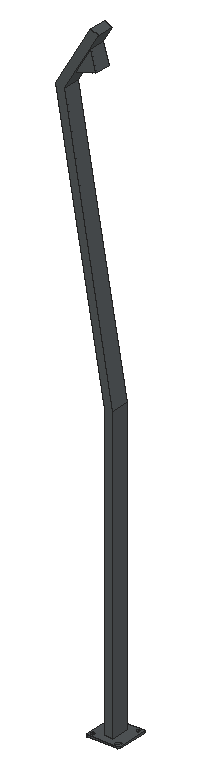
Revit family "Брейк", category Осветительные приборы, Revit 2019 (continued)
Parameters (values of type "ДТУ159с1 Светодиодный светильник Брейк ДТУ-159-AF-30Вт-4.5")
    .0 111.8 101.3 91.9 83.6 75.6 67.7 60.3 54.0\r\n 49.1 45.0 41.4 38.0 34.7 31.7 29.4 27.9 27.1 26.5 25.7 24.9 24.3 23.9 23.6 23.0 21.8 20.1 18.0 15.8 13.8 12.1 10.7 9.4 8.1 7.0\r\n 6.7\r\n325.0 321.2 314.1 306.5 303.1 305.5 310.4 315.1 320.3 326.8 335.1 343.5 351.3 357.7 364.1 372.2 383.2 396.3 410.0 423.0 434.9\r\n 444.7 451.0 452.8 451.2 448.6 448.3 450.0 452.6 453.1 451.6 448.1 443.3 436.3 426.6 414.6 400.6 386.6 371.7 355.4 336.3 315.3\r\n 293.5 272.1 251.8 233.3 216.6 201.5 186.8 171.6 156.2 141.2 127.9 116.5 106.7 97.7 88.8 80.3 72.8 66.1 59.8 53.8 48.2 43.6 39.9\r\n 36.8 34.0 31.4 28.7 26.4 24.7 23.8 23.4 23.1 22.7 22.4 22.1 22.0 21.8 21.2 20.0 18.5 16.6 14.8 13.1 11.7 10.4 9.2 7.9 6.7 5.6\r\n325.0 323.1 317.3 309.6 305.2 305.7 309.3 313.6 319.6 327.1 336.0 345.2 354.4 363.2 372.0 381.9 393.4 405.5 417.3 428.0 438.2\r\n 447.0 453.4 455.8 454.6 451.5 449.4 448.8 449.0 447.1 442.9 435.8 426.8 415.4 401.5 385.5 368.5 352.2 336.3 319.6 300.2 278.7\r\n 256.6 235.5 216.1 198.9 183.8 170.5 157.9 145.2 132.4 119.8 108.5 98.6 90.3 82.6 75.1 67.9 61.3 55.5 50.3 45.6 41.4 37.8 34.7\r\n 32.1 29.6 27.2 24.9 22.9 21.6 20.9 20.6 20.2 19.8 19.5 19.3 19.2 18.8 18.1 17.0 15.6 14.1 12.7 11.5 10.4 9.4 8.2 7.0 5.6 4.7\r\n325.0 322.3 316.7 310.0 305.7 305.2 307.3 311.1 317.4 326.0 336.1 346.6 357.2 367.9 378.8 390.3 402.2 413.4 423.5 432.0 439.5\r\n 445.8 450.9 453.5 453.2 450.1 446.3 442.8 440.2 436.5 430.6 421.9 410.6 396.6 379.8 360.9 341.7 324.0 307.5 290.5 271.3 250.2\r\n 228.8 208.8 191.1 175.4 161.9 150.0 139.3 128.8 118.3 107.7 97.7 88.5 80.5 73.3 66.4 59.9 53.9 48.6 44.0 40.1 36.7 33.8 31.1 28.6\r\n 26.2 23.8 21.6 19.9 18.9 18.3 17.8 17.3 16.7 16.4 16.2 16.0 15.5 14.7 13.6 12.4 11.4 10.4 9.6 8.8 7.9 7.0 5.8 4.6 1.9\r\n325.0 320.0 314.6 309.8 306.5 305.4 306.1 309.5 316.2 326.2 337.6 349.4 360.8 372.3 384.1 396.1 407.7 418.1 427.2 434.3 439.8\r\n 443.3 446.5 448.8 449.5 446.8 441.4 435.0 429.1 423.2 416.3 406.8 394.7 379.4 361.1 341.3 321.7 303.7 286.6 269.0 249.7 229.1\r\n 208.9 190.5 174.4 160.2 148.0 137.2 127.8 119.0 110.2 101.0 91.7 82.7 74.5 67.3 60.6 54.5 48.9 44.0 39.7 36.2 33.1 30.5 28.0 25.7\r\n 23.3 21.0 18.9 17.5 16.6 16.0 15.3 14.6 14.0 13.7 13.5 13.3 12.7 11.9 10.9 9.9 9.2 8.6 8.1 7.4 6.7 5.9 4.9 3.6 2.9\r\n325.0 318.0 312.8 310.0 308.0 306.6 306.2 309.4 316.3 327.3 339.6 352.3 364.2 376.2 388.3 399.9 410.4 419.5 428.2 435.1 439.8\r\n 441.4 442.9 444.7 446.2 444.1 437.9 428.8 419.6 411.1 402.7 392.5 379.8 363.8 345.5 326.4 308.0 290.6 273.2 254.7 234.8 214.6\r\n 195.6 178.6 164.0 151.3 140.2 130.4 121.9 113.9 105.9 97.3 88.2 78.9 70.4 62.9 56.5 50.7 45.6 41.1 37.1 33.5 30.4 27.7 25.4 23.2\r\n 21.0 18.9 17.1 15.8 15.0 14.3 13.5 12.6 12.0 11.7 11.6 11.3 10.8 10.0 9.1 8.4 7.8 7.5 7.1 6.6 5.9 5.2 4.4 3.5 0.8\r\n325.0 316.1 310.6 308.9 308.1 307.7 307.6 311.0 317.9 328.9 341.1 354.1 366.6 379.6 392.0 402.7 411.3 418.6 426.9 434.3 439.8\r\n 441.4 442.4 443.9 445.5 443.5 436.8 426.2 414.7 403.7 393.4 381.9 368.1 351.5 333.5 315.9 299.3 282.7 265.0 245.8 225.7 206.1\r\n 188.0 172.2 158.7 147.0 136.9 127.8 119.7 111.9 104.1 95.5 86.0 76.3 67.5 59.8 53.5 48.3 43.7 39.7 35.8 32.0 28.6 25.8 23.5 21.5\r\n 19.5 17.7 16.2 15.0 14.1 13.2 12.3 11.4 10.9 10.6 10.5 10.2 9.7 8.9 8.2 7.6 7.2 6.9 6.6 6.1 5.5 4.9 4.2 3.5 3.3\r\n325.0 313.8 306.5 304.2 304.2 305.5 307.2 311.6 318.5 329.0 340.6 353.9 367.5 381.9 395.0 404.9 411.4 416.8 424.2 432.2 439.2\r\n 442.4 444.4 445.5 446.2 443.4 436.4 425.4 413.0 400.5 388.8 376.2 361.7 344.6 327.0 310.3 294.6 278.2 260.0 240.5 220.6 201.7\r\n 184.5 169.6 156.9 146.0 136.4 127.6 119.6 111.6 103.5 94.5 84.8 74.9 65.8 58.2 52.0 47.0 42.9 39.2 35.4 31.5 27.8 24.7 22.3 20.4\r\n 18.8 17.3 15.9 14.6 13.6 12.6 11.6 10.9 10.4 10.1 9.9 9.5 9.1 8.5 7.8 7.3 6.9 6.6 6.3 5.8 5.3 4.7 4.1 3.6 4.1\r\n325.0 310.4 300.1 296.1 296.7 300.2 304.4 310.4 317.6 327.8 339.2 353.0 367.8 383.6 397.1 406.2 411.1 414.8 421.1 429.4 437.9\r\n 443.6 447.0 447.7 446.5 442.1 435.2 425.2 413.8 401.3 389.0 375.5 360.3 343.0 325.5 309.0 293.1 276.3 257.6 238.1 218.5 200.2\r\n 183.6 169.5 157.4 146.9 137.5 128.7 120.3 112.0 103.6 94.5 84.7 74.8 65.7 58.0 51.9 47.1 43.1 39.4 35.6 31.7 27.8 24.5 22.0 20.1\r\n 18.5 17.1 15.8 14.6 13.4 12.3 11.4 10.7 10.2 9.9 9.6 9.3 8.9 8.3 7.7 7.2 6.8 6.5 6.1 5.7 5.1 4.6 4.0 3.3 1.6\r\n325.0 306.3 292.4 286.3 287.1 292.7 299.4 307.1 315.2 326.0 337.9 352.3 367.5 383.6 396.9 405.8 410.2 413.6 419.3 427.6 437.1\r\n 444.4 448.4 448.1 445.0 439.5 433.3 425.4 416.3 405.1 392.7 378.6 362.7 345.2 327.7 311.3 295.2 278.0 259.0 239.4 219.8 201.4\r\n 184.8 170.7 158.9 148.7 139.3 130.3 121.6 113.0 104.3 95.3 85.8 76.2 67.2 59.6 53.4 48.3 44.1 40.3 36.5 32.5 28.6 25.1 22.3 20.2\r\n 18.6 17.2 15.9 14.7 13.5 12.4 11.5 10.9 10.5 10.2 9.9 9.4 8.9 8.4 7.8 7.3 6.9 6.5 6.1 5.6 5.0 4.4 3.9 3.0 2.3\r\n325.0 302.2 284.9 277.3 278.8 286.8 295.9 305.2 314.3 325.8 338.2 352.2 366.4 381.5 394.5 403.9 409.4 413.9 420.1 428.5 438.0\r\n 445.3 449.0 447.9 443.9 438.5 433.9 428.8 422.4 412.7 400.3 385.1 368.2 350.4 333.2 317.2 301.2 284.0 264.9 244.9 224.6 205.6\r\n 188.4 173.9 161.7 151.5 141.9 132.8 123.7 114.8 106.0 97.2 88.1 78.9 70.1 62.4 55.8 50.3 45.7 41.6 37.8 34.0 30.1 26.4 23.3 21.0\r\n 19.1 17.6 16.4 15.1 14.0 13.0 12.1 11.5 11.2 10.9 10.5 9.9 9.3 8.7 8.2 7.7 7.3 6.9 6.4 5.8 5.1 4.5 4.0 3.4 1.7\r\n325.0 298.2 278.3 270.3 273.8 284.7 296.0 306.3 315.9 327.6 339.5 351.8 363.5 376.8 389.5 400.6 408.6 415.5 423.1 431.9 440.8\r\n 447.1 450.0 448.8 445.4 441.3 438.5 435.7 431.2 422.8 410.5 394.9 377.3 359.4 342.5 327.0 311.5 294.8 275.5 254.9 233.6 213.6\r\n 195.4 180.0 167.0 156.0 145.9 136.3 126.9 117.7 108.9 100.1 91.4 82.5 73.9 66.0 59.0 52.9 47.8 43.4 39.7 36.0 32.2 28.3 25.0 22.2\r\n 20.2 18.6 17.3 16.2 15.1 14.1 13.3 12.7 12.3 12.0 11.5 10.9 10.2 9.5 9.0 8.5 8.1 7.7 7.1 6.3 5.5 4.8 4.3 3.8 4.4\r\n325.0 294.6 273.0 266.2 272.9 286.8 299.8 310.2 319.2 329.9 340.2 350.0 359.3 371.0 383.9 396.7 407.1 416.2 425.2 434.5 443.3\r\n 449.3 452.3 452.0 450.1 447.6 445.9 444.0 440.4 433.2 422.1 407.5 390.7 373.5 356.9 341.8 326.6 310.0 290.5 269.1 247.1 226.4\r\n 207.6 191.3 177.0 164.3 152.8 142.1 132.1 122.7 113.6 104.7 96.0 87.1 78.5 70.2 62.7 56.1 50.4 45.8 42.0 38.5 34.7 30.9 27.3 24.2\r\n 21.8 20.1 18.8 17.7 16.8 15.8 14.9 14.3 13.9 13.6 13.2 12.5 11.8 11.1 10.6 10.1 9.6 9.1 8.4 7.4 6.4 5.5 4.7 4.0 4.2\r\n325.0 291.3 269.1 264.4 274.7 290.9 304.3 313.5 320.9 329.7 338.1 346.2 354.2 365.4 378.6 392.3 403.6 413.5 423.3 433.7 443.6\r\n 450.9 455.0 456.1 455.5 454.1 452.4 450.3 446.9 441.5 433.2 421.9 408.0 392.8 377.4 362.7 347.6 330.9 311.3 289.7 267.4 246.4\r\n 227.2 209.9 193.8 178.9 165.0 152.5 141.4 131.2 121.6 112.0 102.6 93.2 84.1 75.5 67.5 60.3 54.3 49.4 45.4 41.7 38.0 34.0 30.2\r\n 26.9 24.2 22.3 20.9 19.9 18.9 18.0 17.1 16.4 16.0 15.9 15.6 15.1 14.5 13.9 13.4 12.7 12.0 11.1 10.1 8.9 7.7 6.5 5.3 4.0 1.5\r\n325.0 289.5 267.8 265.4 278.0 294.4 306.6 313.6 318.9 325.6 332.8 340.8 349.5 361.4 374.8 388.0 398.5 407.4 416.7 428.0 439.9\r\n 449.9 456.0 458.7 458.9 457.8 455.6 453.2 450.6 447.9 443.8 437.4 428.0 416.3 403.4 390.0 375.3 358.6 339.1 318.0 296.3 275.8\r\n 256.5 238.4 220.6 203.2 186.7 171.8 158.7 146.9 135.7 124.6 113.5 102.8 92.7 83.2 74.6 67.1 60.7 55.4 50.8 46.7 42.5 38.4 34.4\r\n 30.7 27.6 25.3 23.6 22.4 21.4 20.4 19.5 18.9 18.7 18.7 18.7 18.5 18.2 17.7 17.0 16.1 15.0 13.6 12.1 10.5 9.0 7.4 5.9 4.2 2.1\r\n325.0 290.1 270.0 269.2 282.0 296.3 305.8 310.4 313.7 318.9 325.5 334.6 345.2 358.5 371.7 383.9 392.6 400.0 408.4 420.0 433.3\r\n 445.3 453.4 457.5 458.5 458.1 456.3 454.7 453.8 454.4 454.7 453.0 448.1 440.7 431.4 420.9 408.1 392.8 374.7 355.0 335.0 315.9\r\n 297.3 278.7 259.6 240.1 221.3 204.0 188.6 174.3 160.4 146.4 132.5 119.3 107.2 96.4 86.8 78.6 71.6 65.6 60.0 54.8 49.9 45.1 40.6\r\n 36.4 32.7 29.7 27.4 25.8 24.5 23.3 22.3 21.7 21.5 21.7 21.9 22.0 21.8 21.4 20.6 19.4 17.7 15.7 13.7 11.8 9.9 8.2 6.4 4.6 3.2\r\n325.0 293.6 276.0 275.5 286.2 297.0 303.3 305.7 307.7 311.9 318.3 328.4 340.6 355.3 368.6 380.2 387.9 394.1 400.9 411.3 424.1\r\n 436.7 445.9 451.6 454.4 455.9 456.1 456.9 458.9 462.8 466.3 467.7 466.0 462.1 456.8 450.2 441.2 429.3 414.3 397.8 381.1 364.9\r\n 348.6 330.7 311.1 290.3 270.1 251.3 234.0 217.3 200.3 182.6 164.9 148.1 133.0 119.9 108.6 99.1 90.8 83.6 76.5 69.5 62.9 56.9 51.4\r\n 46.2 41.4 37.3 34.0 31.3 29.2 27.5 26.1 25.1 24.7 24.7 24.8 24.7 24.5 23.9 22.8 21.2 19.1 16.8 14.5 12.3 10.3 8.4 6.6 4.8 3.5\r\n325.0 299.3 284.5 283.1 290.3 297.2 300.8 301.9 303.4 307.2 313.2 323.2 335.5 350.4 364.0 375.9 383.8 390.0 395.7 404.2 414.7\r\n 425.9 435.3 442.7 448.2 452.7 456.5 460.8 466.1 472.3 477.3 479.7 479.4 478.0 476.3 474.1 470.3 463.4 453.5 441.4 429.3 417.4\r\n 404.6 388.8 369.9 349.4 329.6 311.4 294.3 276.7 257.6 236.6 215.1 194.3 175.7 159.6 145.9 134.4 124.4 115.2 105.9 96.5 87.6 79.4\r\n 72.2 65.3 58.8 52.9 47.8 43.6 40.0 36.9 34.3 32.2 30.5 29.3 28.2 27.1 26.0 24.8 23.2 21.2 18.9 16.4 14.1 12.0 10.0 8.1 6.4 4.8\r\n 2.8\r\n325.0 305.0 292.6 289.8 293.3 296.8 298.4 299.0 300.8 304.9 310.6 319.4 330.4 344.4 357.8 370.2 379.1 385.9 391.2 397.7 405.5\r\n 414.8 424.2 433.4 441.7 449.5 456.9 464.7 472.6 479.9 484.9 487.4 488.1 488.8 490.2 492.0 493.0 491.2 486.3 479.2 472.1 465.0\r\n 456.5 443.9 427.6 409.7 393.0 378.0 363.7 347.6 328.7 306.6 282.9 259.5 238.3 219.8 203.9 190.4 178.4 167.0 155.4 143.5 131.9\r\n 121.4 111.9 102.8 94.1 85.9 78.6 72.1 66.3 60.8 55.6 50.6 45.8 41.2 36.8 32.9 29.4 26.3 23.5 20.7 17.9 15.4 13.2 11.3 9.5 7.7 6.1\r\n 4.6 3.7\r\n325.0 309.0 298.2 293.9 294.3 295.3 295.8 296.6 299.2 304.0 309.5 317.0 325.8 337.7 350.0 362.1 371.6 379.1 384.7 390.3 396.7\r\n 405.0 414.9 425.6 436.2 446.3 456.2 466.0 475.0 482.2 486.9 490.2 492.9 496.2 500.5 505.2 509.2 510.6 509.3 506.0 503.0 500.2\r\n 496.0 488.0 476.5 463.6 451.9 442.0 432.0 419.6 403.3 383.1 360.5 337.6 316.3 297.4 281.0 266.6 253.5 240.8 227.7 214.4 201.5\r\n 189.6 178.5 167.6 157.1 147.2 138.4 129.9 121.5 112.7 103.1 92.6 81.4 70.0 58.9 48.8 40.0 32.7 26.8 22.0 18.1 15.1 12.9 11.1 9.4\r\n 7.8 6.2 4.7 3.0\r\n325.0 309.5 298.5 292.8 291.3 291.0 291.4 293.1 296.9 302.5 308.0 314.2 320.9 330.5 341.1 352.1 361.0 368.2 374.0 379.7 386.6\r\n 395.6 406.8 418.8 430.6 441.4 451.8 461.8 470.3 476.8 481.8 487.2 493.4 500.1 506.8 512.8 517.4 519.7 520.0 519.4 519.7 520.7\r\n 521.1 518.9 513.6 506.9 500.4 494.8 488.6 480.4 468.6 453.1 434.9 415.8 397.4 380.7 365.9 352.7 340.3 328.1 315.6 303.3 291.8\r\n 281.0 270.6 260.0 249.9 240.9 232.8 224.5 214.6 202.0 186.4 167.6 146.4 123.8 101.5 80.8 62.6 47.8 36.1 27.4 21.0 16.7 13.9 11.9\r\n 10.2 8.6 7.1 5.7 2.8\r\n325.0 307.0 294.2 287.2 284.9 284.1 285.3 288.5 293.7 300.1 305.5 310.3 315.0 322.4 331.3 340.5 347.9 353.5 358.9 365.5 374.4\r\n 385.3 398.0 410.6 422.4 432.7 442.2 450.8 457.5 463.0 468.9 477.5 487.6 497.7 506.0 512.0 515.9 517.9 519.0 520.5 523.7 528.6\r\n 533.9 537.9 539.1 537.7 534.4 530.7 526.7 522.0 515.3 505.9 493.8 480.0 466.0 453.1 441.7 431.7 422.0 412.3 402.6 394.0 386.8\r\n 380.4 373.8 366.8 360.5 355.7 351.9 346.4 336.7 321.1 299.0 270.4 236.5 199.7 162.6 127.6 96.7 71.1 51.3 36.7 26.6 20.2 16.3 13.9\r\n 11.9 10.2 8.6 7.2 7.4\r\n325.0 302.6 287.3 279.6 277.4 276.7 278.6 282.9 289.8 296.9 302.2 305.6 308.4 313.6 320.9 328.3 333.6 337.1 341.7 349.0 359.9\r\n 372.6 385.8 398.0 408.7 417.9 425.9 432.4 436.9 441.4 448.3 459.5 472.7 484.9 493.8 499.4 502.9 505.3 508.0 512.0 518.2 526.8\r\n 537.0 546.6 552.9 554.5 552.2 548.5 545.3 543.5 541.6 537.9 531.1 522.0 511.9 502.6 495.0 489.0 483.2 477.0 471.2 467.3 465.8\r\n 465.6 465.2 464.5 464.7 466.9 469.6 469.1 461.5 444.2 416.3 378.2 331.9 280.5 228.0 178.0 133.6 96.7 68.1 47.4 33.4 24.6 19.5\r\n 16.4 14.1 12.1 10.4 8.9 7.9\r\n325.0 299.3 282.5 275.3 273.4 272.3 273.5 277.8 285.5 293.3 298.6 300.5 301.7 304.9 310.6 315.9 319.0 320.4 324.1 331.9 344.1\r\n 357.1 369.5 379.9 389.0 396.9 403.2 407.5 410.0 413.7 421.4 434.0 448.4 461.0 469.6 475.2 479.3 483.5 488.4 494.7 503.1 514.7\r\n 528.4 541.9 551.4 554.6 552.4 548.5 546.1 546.8 548.6 549.1 545.9 539.7 532.2 525.8 521.5 519.0 516.6 513.6 510.9 510.9 514.0\r\n 519.5 525.3 531.3 538.4 547.2 555.8 560.0 554.6 536.8 505.1 460.3 404.6 342.1 277.8 216.3 161.4 115.8 80.7 55.4 38.6 28.2 22.2\r\n 18.6 16.0 13.8 11.9 10.8 7.3\r\n325.0 297.9 281.0 274.9 273.5 271.5 271.0 273.8 280.7 288.0 292.9 294.2 294.7 296.7 300.8 303.9 304.9 304.8 307.9 315.8 327.7\r\n 339.5 349.6 357.4 364.1 370.3 374.8 377.3 378.6 382.2 390.4 403.2 416.9 428.2 435.9 441.5 447.0 453.3 460.0 467.6 477.0 489.6\r\n 504.8 519.9 530.7 534.9 533.6 530.6 529.7 532.4 536.6 539.4 538.3 534.1 528.6 524.3 522.3 522.0 521.6 520.2 519.1 520.6 525.8\r\n 534.2 544.0 554.7 566.5 579.4 591.2 597.7 593.8 576.3 543.3 495.6 435.8 368.3 298.5 231.6 172.0 122.8 85.0 58.2 40.5 29.8 23.6\r\n 19.9 17.1 14.7 12.9 11.8 15.6\r\n325.0 298.3 281.9 276.6 275.0 272.5 270.1 270.7 275.0 280.0 283.7 284.9 286.1 288.3 291.4 292.6 291.8 290.5 293.2 300.5 311.2\r\n 321.0 328.4 333.1 337.0 340.4 342.9 344.0 345.2 349.2 357.6 369.2 381.0 390.4 396.8 402.0 407.9 415.0 422.3 429.8 438.6 450.3\r\n 464.5 478.8 489.4 494.5 494.9 494.0 494.8 498.8 503.9 507.8 508.0 505.5 502.1 499.8 499.4 500.0 500.1 499.0 497.8 498.7 503.3\r\n 511.5 521.9 533.9 546.8 560.0 571.4 577.6 574.1 557.6 526.2 480.3 422.4 356.7 288.5 223.1 165.0 117.4 81.1 55.5 38.8 28.8 23.1\r\n 19.7 17.0 14.8 13.0 12.3 10.8\r\n325.0 298.5 281.6 276.0 274.3 272.3 269.3 267.8 268.3 269.7 271.4 273.2 276.1 279.4 282.1 281.8 279.5 277.5 279.3 285.4 294.1\r\n 301.8 306.6 308.5 309.4 309.9 310.4 310.4 311.6 315.7 323.5 333.2 342.6 349.8 354.7 358.8 363.7 369.7 376.2 382.7 390.1 399.6\r\n 411.0 422.5 431.5 436.9 439.0 440.2 442.3 446.6 451.6 455.7 457.0 456.1 454.6 453.8 454.2 454.9 454.8 453.3 451.2 450.7 453.0\r\n 458.8 467.0 477.0 487.8 498.6 507.3 511.5 507.8 493.1 465.5 425.2 374.1 316.0 255.4 197.1 145.4 103.3 71.5 49.2 34.6 26.0 21.2\r\n 18.3 15.9 13.9 12.3 11.5 11.0\r\n325.0 297.3 278.6 271.4 269.8 269.4 267.2 264.5 261.5 259.5 259.4 261.6 265.9 269.9 271.9 270.4 267.3 264.6 265.1 269.2 275.7\r\n 281.4 284.3 284.0 282.5 280.7 279.5 278.8 279.7 282.9 288.9 296.0 303.0 308.3 311.7 314.1 317.0 320.9 325.6 330.7 336.4 343.2\r\n 351.0 358.7 365.0 369.6 372.4 374.7 377.1 380.9 385.4 389.4 391.4 391.6 391.0 390.9 391.4 392.0 391.7 389.8 387.0 385.1 385.3\r\n 387.9 392.3 398.0 404.5 411.3 416.4 418.0 413.6 401.0 378.5 346.1 305.0 258.1 208.8 161.2 119.2 85.0 59.2 41.0 29.1 22.2 18.4\r\n 16.0 14.2 12.4 11.0 10.2 12.0\r\n325.0 294.7 273.1 263.9 262.4 264.0 263.5 260.8 256.1 252.1 250.6 252.6 256.5 259.5 259.8 257.3 253.9 251.0 250.3 251.9 255.7\r\n 259.2 260.4 258.8 256.0 253.4 251.7 250.4 250.2 251.8 255.4 260.1 264.9 268.4 270.0 270.5 271.1 272.8 275.7 279.1 283.0 287.2\r\n 291.5 295.3 298.3 300.9 303.0 305.0 306.9 309.7 313.3 317.0 319.3 319.7 318.9 318.3 318.4 318.8 318.5 316.8 314.2 311.9 310.6\r\n 310.3 310.7 311.7 313.7 316.3 318.1 317.5 312.4 301.5 283.9 259.4 228.9 194.1 157.4 122.1 90.8 65.4 46.1 32.5 23.6 18.4 15.5 13.7\r\n 12.2 10.8 9.4 8.3 6.2\r\n325.0 292.2 267.9 256.6 254.8 257.5 258.3 256.4 251.8 247.4 245.0 245.4 247.1 247.5 245.8 242.6 239.6 236.9 235.3 234.8 235.8\r\n 236.7 236.2 233.7 230.7 228.2 226.5 224.9 223.7 223.5 225.0 227.9 230.7 232.4 232.0 230.5 229.1 228.9 229.8 231.4 233.4 235.3\r\n 236.7 237.1 237.0 236.9 237.3 237.8 238.6 240.0 242.5 245.5 247.4 247.4 245.8 244.2 243.7 243.9 243.9 242.8 240.8 238.6 236.6\r\n 234.5 231.9 229.4 227.7 227.2 226.6 224.4 219.0 209.6 196.0 178.4 157.1 133.5 108.8 85.0 64.1 46.9 33.9 24.6 18.6 15.0 13.0 11.7\r\n 10.5 9.3 8.1 6.5 3.5\r\n325.0 292.1 266.7 253.6 250.2 252.2 253.1 251.5 247.3 243.0 239.7 238.0 236.7 234.3 230.9 227.6 225.3 223.2 221.1 219.0 217.4\r\n 215.7 213.5 210.4 207.7 205.6 203.9 202.0 199.8 198.3 198.5 199.9 201.0 200.6 197.9 194.3 191.1 189.3 188.6 188.5 188.7 188.7\r\n 187.8 185.7 183.1 180.6 178.9 177.7 177.0 177.0 178.1 179.7 180.7 180.0 177.8 175.4 174.2 174.2 174.4 173.7 172.4 170.6 168.4\r\n 165.4 161.5 157.3 153.9 151.8 150.0 147.3 142.2 134.6 124.4 112.2 98.5 83.8 68.8 54.5 41.9 31.6 23.8 18.3 14.7 12.6 11.3 10.3 9.3\r\n 8.3 7.1 5.8 4.1\r\n325.0 294.5 270.0 255.8 250.1 249.8 248.8 245.9 241.0 236.3 232.4 229.3 225.9 221.6 217.4 214.0 212.2 210.5 208.4 205.2 201.8\r\n 198.1 194.5 190.9 188.2 185.9 183.8 180.9 177.7 175.3 174.4 174.6 174.0 171.4 166.5 161
